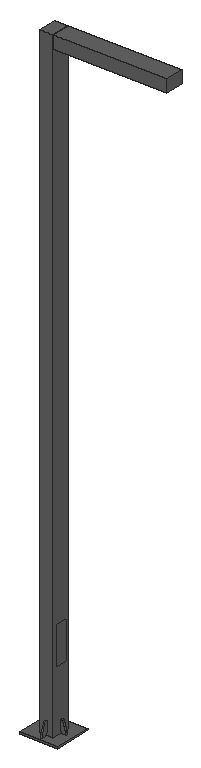
Revit family "Lin1-16.4ft", category Lighting Fixtures, Revit 2022
Family settings
  Round Connector Dimension = Use Diameter
  Part Type = Normal
  OmniClass Number = 23.80.70.00
  OmniClass Title = Lighting
  Work Plane-Based = No
  Always vertical = Yes
  Cut with Voids When Loaded = No
  Light Source = Yes
  Maintain Annotation Orientation = No
  Shared = No
  Room Calculation Point = No
Parameters (values of type "LIN1-60W-3000K-V-16.4ft")
  Wattage Comments = "60W"
  Wattage = 51.8305 W
  built-in parameter 1150110 = 1 (stored number, unit not read)
  URL = "https://www.abovealllighting.com/Product/LED-OUTDOOR-FIXTURES/LEDMOONSERIESPOSTTOP/MACKLINColumnLight.html"
  built-in parameter 1114217 = 1 (stored number, unit not read)
  Tilt Angle = 90.00°
  built-in parameter 1150109 = 1 (stored number, unit not read)
  built-in parameter 1150134 = (empty or 0)
  built-in parameter 1150113 = 1 (stored number, unit not read)
  Power Factor = "0.9"
  Photometric Web File = "LIN1-6030801-V-BK.IES"
  Model = "LIN1-6030801-V-BK"
  Manufacturer = "Above All Lighting"  # constant formula
  Lumens = 7699 lm
  built-in parameter 1150115 = 1 (stored number, unit not read)
  built-in parameter 1150105 = 4711.7 (stored number, unit not read)
  Load Classification = Lighting
  built-in parameter 1150137 = (empty or 0)
  built-in parameter 1150139 = (empty or 0)
  built-in parameter 1150112 = 1 (stored number, unit not read)
  built-in parameter 1150114 = 1 (stored number, unit not read)
  Lamp = "LED"
  Input Voltage = "120-277V"
  built-in parameter 1150132 = 2
  built-in parameter 1150102 = (empty or 0)
  built-in parameter 1150138 = (empty or 0)
  built-in parameter 1150107 = 3000 (stored number, unit not read)
  built-in parameter 1150106 = 47.117 (stored number, unit not read)
  IP Rating = "IP65"
  H = 16' - 4 205/256"  # constant formula
  built-in parameter 1150104 = 13.8 (stored number, unit not read)
  Dimming Lamp Color Temperature Shift = <None>
  Default Elevation = 0' - 0"
  Color Filter = 16777215
  CRI = "80"
  built-in parameter 1114218 = 1 (stored number, unit not read)
  built-in parameter 1150133 = 10 (stored number, unit not read)
Types (17): name | Wattage Comments | Wattage | Photometric Web File | Model | Lumens | built-in parameter 1150105 | built-in parameter 1150106
  (no name) | "60W" | 51.8305 W | "LIN1-6030801-V-BK.IES" | "LIN1-6030801-V-BK" | 7699 lm | 4711.7 (stored number, unit not read) | 47.117 (stored number, unit not read)
  LIN1-30W-3000K-II-16.4ft | "30W" | 30.2473 W | "LIN1-3030801-II-BK.IES" | "LIN1-3030801-II-BK" | 4493 lm | 357.54 (stored number, unit not read) | 3.5754 (stored number, unit not read)
  LIN1-30W-3000K-III-16.4ft | "30W" | 27.4468 W | "LIN1-3030801-III-BK.IES" | "LIN1-3030801-III-BK" | 4077 lm | 2124.1 (stored number, unit not read) | 21.241 (stored number, unit not read)
  LIN1-30W-3000K-IV-16.4ft | "30W" | 30.9609 W | "LIN1-3030801-IV-BK.IES" | "LIN1-3030801-IV-BK" | 4599 lm | 2036.5 (stored number, unit not read) | 20.365 (stored number, unit not read)
  LIN1-30W-3000K-V-16.4ft | "30W" | 29.7694 W | "LIN1-3030801-V-BK.IES" | "LIN1-3030801-V-BK" | 4422 lm | 2711.3 (stored number, unit not read) | 27.113 (stored number, unit not read)
  LIN1-40W-3000K-II-16.4ft | "40W" | 38.097 W | "LIN1-4030801-II-BK.IES" | "LIN1-4030801-II-BK" | 5659 lm | 2948.3 (stored number, unit not read) | 29.483 (stored number, unit not read)
  LIN1-40W-3000K-III-16.4ft | "40W" | 35.0877 W | "LIN1-4030801-III-BK.IES" | "LIN1-4030801-III-BK" | 5212 lm | 2707.6 (stored number, unit not read) | 27.076 (stored number, unit not read)
  LIN1-40W-3000K-IV-16.4ft | "40W" | 39.2616 W | "LIN1-4030801-IV-BK.IES" | "LIN1-4030801-IV-BK" | 5832 lm | 2586.6 (stored number, unit not read) | 25.866 (stored number, unit not read)
  LIN1-40W-3000K-V-16.4ft | "40W" | 37.7806 W | "LIN1-4030801-V-BK.IES" | "LIN1-4030801-V-BK" | 5612 lm | 3439.9 (stored number, unit not read) | 34.399 (stored number, unit not read)
  LIN1-50W-3000K-II-16.4ft | "50W" | 45.2801 W | "LIN1-5030801-II-BK.IES" | "LIN1-5030801-II-BK" | 6726 lm | 3494.1 (stored number, unit not read) | 34.941 (stored number, unit not read)
  LIN1-50W-3000K-III-16.4ft | "50W" | 41.2813 W | "LIN1-5030801-III-BK.IES" | "LIN1-5030801-III-BK" | 6132 lm | 3181.7 (stored number, unit not read) | 31.817 (stored number, unit not read)
  LIN1-50W-3000K-IV-16.4ft | "50W" | 46.8622 W | "LIN1-6030801-IV-BK.IES" | "LIN1-5030801-IV-BK" | 6961 lm | 3085 (stored number, unit not read) | 30.85 (stored number, unit not read)
  LIN1-50W-3000K-V-16.4ft | "50W" | 45.2397 W | "LIN1-6030801-V-BK.IES" | "LIN1-5030801-V-BK" | 6720 lm | 4112.6 (stored number, unit not read) | 41.126 (stored number, unit not read)
  LIN1-60W-3000K-II-16.4ft | "60W" | 53.1028 W | "LIN1-6030801-II-BK.IES" | "LIN1-6030801-II-BK" | 7888 lm | 4092.8 (stored number, unit not read) | 40.928 (stored number, unit not read)
  LIN1-60W-3000K-III-16.4ft | "60W" | 48.1009 W | "LIN1-6030801-III-BK.IES" | "LIN1-6030801-III-BK" | 7145 lm | 3712.2 (stored number, unit not read) | 37.122 (stored number, unit not read)
  LIN1-60W-3000K-IV-16.4ft | "60W" | 53.4192 W | "LIN1-6030801-IV-BK.IES" | "LIN1-6030801-IV-BK" | 7935 lm | 3507.8 (stored number, unit not read) | 35.078 (stored number, unit not read)
  LIN1-60W-3000K-V-16.4ft | "60W" | 51.8305 W | "LIN1-6030801-V-BK.IES" | "LIN1-6030801-V-BK" | 7699 lm | 4711.7 (stored number, unit not read) | 47.117 (stored number, unit not read)
Reference planes (in)
  plane 1 "Light Source Axis (F/B)": y = 0
  plane 2: z = 0
  plane 3 "Light Source Axis (L/R)": x = 0
  plane 4 "Light Source Elevation": z = 192.86078
  plane 5: z = 196.80078
  plane 6: x = -1.99
  plane 7: x = 1.99
  plane 8: x = 37.42
  plane 9: z = 192.86078
Forms (in)
  Extrusion 1, solid, material "Metal, Paint Finish, White, Matte"
    sketch origin (0, 0, 0) x (1, 0, 0) y (0, 1, 0)
      loop
        line (-1.99, 2.95) -> (-1.99, -2.95) -> (1.99, -2.95) -> (1.99, 2.95) -> (-1.99, 2.95)
    from 0 to 196.80078
  Extrusion 2, solid, material "Metal, Paint Finish, White, Matte"
    sketch origin (0, 0, 0) x (1, 0, 0) y (0, 1, 0)
      loop
        line (1.99, 2.95) -> (1.99, -2.95) -> (37.42, -2.95) -> (37.42, 2.95) -> (1.99, 2.95)
    from 192.86078 to 196.80078
  Extrusion 3, solid, material "Metal, Paint Finish, White, Matte"
    sketch origin (0, 0, 0) x (1, 0, 0) y (0, 1, 0)
      loop
        line (-5.905, 5.905) -> (-5.905, -5.905) -> (5.905, -5.905) -> (5.905, 5.905) -> (-5.905, 5.905)
    from 0 to 0.394
  Extrusion 4, solid, material "Glass, White, High Luminance"
    sketch origin (0, 0, 0) x (1, 0, 0) y (0, 1, 0)
      loop
        line (20.18595, 1.42747) -> (20.18595, -1.42747) -> (29.42, -1.42747) -> (29.42, 1.42747) -> (20.18595, 1.42747)
    from 192.78709 to 192.86078
  Extrusion 5, solid, material "Metal, Paint Finish, White, Matte"
    sketch origin (0, 0, 0) x (0, 1, 0) y (0, 0, 1)
      loop
        arc (-1.27, 31.5) -> (-1.62355, 31.35355) -> (-1.77, 31) r 0.5
        line (-1.77, 31) -> (-1.77, 20.19)
        arc (-1.77, 20.19) -> (-1.62355, 19.83645) -> (-1.27, 19.69) r 0.5
        line (-1.27, 19.69) -> (1.27, 19.69)
        arc (1.27, 19.69) -> (1.62355, 19.83645) -> (1.77, 20.19) r 0.5
        line (1.77, 20.19) -> (1.77, 31)
        arc (1.77, 31) -> (1.62355, 31.35355) -> (1.27, 31.5) r 0.5
        line (1.27, 31.5) -> (-1.27, 31.5)
    from 1.99 to 2.21533
  Extrusion 6, solid, material "Metal, Paint Finish, White, Matte"
    sketch origin (-0.20493, 0, 0) x (0, 1, 0) y (0, 0, 1)
      loop
        line (-2.95, 1.18777) -> (-2.95, 4.32486) -> (-3.44573, 4.32486)
        arc (-3.44573, 4.32486) -> (-3.67329, 4.25224) -> (-3.81672, 4.06124) r 0.39285
        line (-3.81672, 4.06124) -> (-4.74377, 1.20807) -> (-4.74377, 0.394) -> (-3.74377, 0.394) -> (-2.95, 1.18777)
      loop
        line (2.95, 1.18777) -> (3.74377, 0.394) -> (4.74377, 0.394) -> (4.74377, 1.20807) -> (3.81672, 4.06124)
        arc (3.81672, 4.06124) -> (3.67329, 4.25224) -> (3.44573, 4.32486) r 0.39285
        line (3.44573, 4.32486) -> (2.95, 4.32486) -> (2.95, 1.18777)
    from 0 to 0.40986
  Extrusion 7, solid, material "Metal, Paint Finish, White, Matte"
    sketch origin (0, 0.20493, 0) x (1, 0, 0) y (0, 0, 1)
      loop
        line (-1.99, 1.18777) -> (-1.99, 4.32486) -> (-2.48573, 4.32486)
        arc (-2.48573, 4.32486) -> (-2.71329, 4.25224) -> (-2.85672, 4.06124) r 0.39285
        line (-2.85672, 4.06124) -> (-3.78377, 1.20807) -> (-3.78377, 0.394) -> (-2.78377, 0.394) -> (-1.99, 1.18777)
      loop
        line (1.99, 1.18777) -> (2.78377, 0.394) -> (3.78377, 0.394) -> (3.78377, 1.20807) -> (2.85672, 4.06124)
        arc (2.85672, 4.06124) -> (2.71329, 4.25224) -> (2.48573, 4.32486) r 0.39285
        line (2.48573, 4.32486) -> (1.99, 4.32486) -> (1.99, 1.18777)
    from 0 to 0.40986
Dimensions and locks (in)
  locked: plane 5 to plane 9 at 3.94
  locked: plane 8 to Extrusion 1 at 39.41
  "H": plane 5 to level
  locked: Extrusion 3 to Extrusion 3 at 0.394
  locked: Extrusion 1 to Extrusion 1 at 5.9
  locked: Extrusion 4 to Extrusion 2 at 0.07369
  locked: plane 8 to Extrusion 1 at 35.43
  locked: Extrusion 3 to Extrusion 3 at 11.81  (x2)
  aligned and locked: imposter light to plane 1 "Light Source Axis (F/B)"
  aligned and locked: plane 4 "Light Source Elevation" to imposter light
  aligned and locked: level to plane 2
  aligned and locked: Extrusion 1 to level
  aligned and locked: plane 5 to Extrusion 1
  aligned and locked: Extrusion 2 sketch curve to Extrusion 1  (x2)
  aligned and locked: plane 5 to Extrusion 2
  aligned and locked: plane 9 to Extrusion 2
  aligned and locked: Extrusion 2 to Extrusion 1
  aligned and locked: Extrusion 1 to plane 5
  aligned and locked: Extrusion 3 to level
  aligned and locked: imposter light to plane 9
  aligned and locked: plane 9 to plane 4 "Light Source Elevation"
  aligned and locked: Extrusion 4 to plane 9
  aligned and locked: Extrusion 5 to Extrusion 1
  aligned and locked: Extrusion 1 to Extrusion 6 sketch curve
  aligned and locked: Extrusion 7 to Extrusion 1  (x2)
  aligned and locked: Extrusion 6 to Extrusion 1  (x2)
Automatic sketch dimensions
  Extrusion 1 sketch curve to plane 6 = 0' - 0"
  Extrusion 1 sketch curve to plane 7 = 0' - 0"
  plane 1 "Light Source Axis (F/B)" to Extrusion 1 sketch curve = 0' - 2.95"
  Extrusion 1 sketch curve to plane 1 "Light Source Axis (F/B)" = 0' - 2.95"
  Extrusion 2 sketch curve to plane 7 = 0' - 0"
  Extrusion 2 sketch curve to plane 8 = 0' - 0"
  plane 6 to Extrusion 3 sketch curve = 0' - 3.915"
  plane 7 to Extrusion 3 sketch curve = 0' - 3.915"
  plane 1 "Light Source Axis (F/B)" to Extrusion 3 sketch curve = 0' - 5.905"
  Extrusion 3 sketch curve to plane 1 "Light Source Axis (F/B)" = 0' - 5.905"
  plane 1 "Light Source Axis (F/B)" to Extrusion 4 sketch curve = 0' - 1.42747"
  Extrusion 4 sketch curve to plane 1 "Light Source Axis (F/B)" = 0' - 1.42747"
  Extrusion 4 sketch curve to plane 8 = 0' - 8"
  Extrusion 4 sketch curve to Extrusion 4 sketch curve = 0' - 9.23405"
  plane 1 "Light Source Axis (F/B)" to Extrusion 5 sketch curve = 0' - 1.77"
  plane 1 "Light Source Axis (F/B)" to Extrusion 5 sketch curve = 0' - 1.27"
  Extrusion 5 sketch curve to plane 1 "Light Source Axis (F/B)" = 0' - 1.27"  (x2)
  Extrusion 5 sketch curve to Extrusion 5 sketch curve = 0' - 0 1/2"  (x2)
  level to Extrusion 5 sketch curve = 1' - 7.69"
  Extrusion 5 sketch curve to Extrusion 5 sketch curve = 0' - 10.81"
  Extrusion 6 sketch curve to Extrusion 6 sketch curve = 0' - 0.49573"  (x2)
  level to Extrusion 6 sketch curve = 0' - 0.394"  (x2)
  Extrusion 6 sketch curve to Extrusion 6 sketch curve = 0' - 0.79377"  (x3)
  Extrusion 6 sketch curve to Extrusion 6 sketch curve = 0' - 0.37099"  (x2)
  Extrusion 6 sketch curve to Extrusion 6 sketch curve = 0' - 1"  (x2)
  level to Extrusion 6 sketch curve = 0' - 1.18777"
  Extrusion 6 sketch curve to plane 1 "Light Source Axis (F/B)" = 0' - 2.95"
  Extrusion 6 sketch curve to Extrusion 6 sketch curve = 0' - 0.81407"  (x2)
  Extrusion 6 sketch curve to Extrusion 6 sketch curve = 0' - 2.74424"  (x2)
  Extrusion 6 sketch curve to Extrusion 6 sketch curve = 0' - 0.12924"  (x2)
  level to Extrusion 7 sketch curve = 0' - 1.20807"
  plane 6 to Extrusion 7 sketch curve = 0' - 1.79377"
  plane 6 to Extrusion 7 sketch curve = 0' - 0.86672"
  level to Extrusion 7 sketch curve = 0' - 0.394"  (x2)
  Extrusion 7 sketch curve to Extrusion 7 sketch curve = 0' - 1"  (x2)
  Extrusion 7 sketch curve to Extrusion 7 sketch curve = 0' - 0.37099"  (x2)
  Extrusion 7 sketch curve to Extrusion 7 sketch curve = 0' - 0.49573"  (x2)
  plane 7 to Extrusion 7 sketch curve = 0' - 0"
  Extrusion 7 sketch curve to Extrusion 7 sketch curve = 0' - 0.79377"  (x3)
  Extrusion 7 sketch curve to Extrusion 7 sketch curve = 0' - 0.81407"
  Extrusion 7 sketch curve to Extrusion 7 sketch curve = 0' - 2.74424"  (x2)
  Extrusion 7 sketch curve to Extrusion 7 sketch curve = 0' - 0.12924"  (x2)
